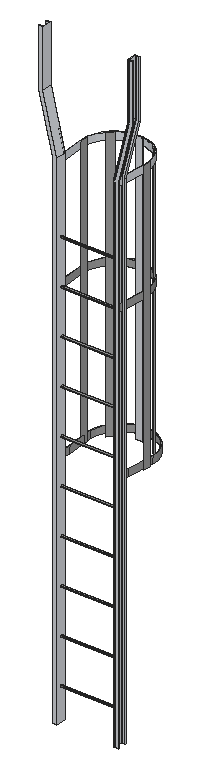
Revit family "Cage_Ladder_Type01", category Generic Models, Revit 2022
Family settings
  Can host rebar = No
  Round Connector Dimension = Use Diameter
  Part Type = Normal
  Work Plane-Based = Yes
  Always vertical = No
  Cut with Voids When Loaded = No
  Maintain Annotation Orientation = No
  Shared = No
  Room Calculation Point = No
Parameters (values of type "Cage_Ladder")
  Top Width [instance] = 3' - 0"
  Vertical Bar Width = 0' - 3"
  Vertical Bar Thickness = 0' - 0 5/16"
  Vertical Bar Center 1 = Bottom Hoop Radius - Hoop Width / 2  # 1' - 5 11/32"
  Vertical Bar Center = Hoop Radius - Hoop Width / 2  # 1' - 1 11/32"
  Side Rail Width = 0' - 3"
  Side Rail Thickness = 0' - 0 3/8"
  Side Rail Material = Steel ASTM A36
  Rung Space [instance] = 1' - 0"
  Rung Radius = 0' - 0 3/8"
  Rung Material = Steel ASTM A36
  Rung Length [instance] = 2' - 0"
  RISER = 1' - 2"
  Number of Rungs [instance] = Height / Rung Space  # 18
  Number of Cages [instance] = (Height + Guardrail Height - Bottom Hoop Height - 2 * Hoop Space) / Hoop Space + 1  # 2
  NO [instance] = 10
  Hoop Width at Rung [instance] = Rung Length + 2 * Hoop Width + Side Rail Thickness  # 2' - 1"
  Hoop Width = 0' - 0 5/16"
  Hoop Thickness = 0' - 3"
  Hoop Space [instance] = 4' - 0"
  Hoop Rung Offset = 1 / 2 * Hoop Width + Side Rail Thickness  # 0' - 0 17/32"
  Hoop Radius = 1' - 1 1/2"
  Hoop Material = Steel ASTM A36
  Height [instance] = 17' - 8"
  H3 [instance] = 2' - 0"
  H2 [instance] = 2' - 0"
  H1 [instance] = 18' - 0"
  Guardrail Height = 3' - 0"
  Distance [instance] = 0' - 7"
  Default Elevation = 0' - 0"
  Center Distance = 1' - 3"
  Bottom Hoop Radius = 1' - 5 1/2"
  Bottom Hoop Height = 7' - 0"
Reference planes (in)
  plane 1 "Center (Front/Back)": y = 0
  plane 2: z = 0
  plane 3 "Center (Left/Right)": x = 0
  plane 4: z = 36
  plane 5: y = 7
  plane 6: z = -12
  plane 7: z = 1.25
  plane 8: x = 16.375
  plane 9: x = 16
  plane 10: x = 12
  plane 11: z = 5.25
  plane 12: y = 8.5
  plane 13: y = 5.5
  plane 14: x = -16.375
  plane 15: x = -12
  plane 16: x = -16
  plane 17 "Bottom": z = -212
  plane 18 "Cage Center": y = 20.5
  plane 19: z = 33
  plane 20: z = -15
  plane 21: x = -13.5
  plane 22: x = 13.5
  plane 23: z = -125
  plane 24: z = -128
  plane 25: z = -77
  plane 26: z = -80
  plane 27: z = -12
  plane 28: z = -216.4
  plane 29: z = -180
  plane 30: z = -166
  plane 31 "Front": y = 5.0315
  plane 32: z = 60
  plane 33: z = 84
  plane 34: x = -18
  plane 35: x = 18
  plane 36: x = -18
  plane 37: x = 18
Forms (in)
  Sweep 1, solid
    path origin (0, 0, 0) x (1, 0, 0) y (0, 1, 0)
      loop
        line (-12.53125, 5.5) -> (-12.53125, 8.5) -> (-13.5, 20.5)
        arc (-13.5, 20.5) -> (0, 34) -> (13.5, 20.5) r 13.5
        line (13.5, 20.5) -> (12.53125, 8.5) -> (12.53125, 5.5)
    profile origin (0, 34, 0) x (0, 1, 0) y (0, 0, 1)
      loop
        line (0.15625, 36) -> (-0.15625, 36) -> (-0.15625, 33) -> (0.15625, 33) -> (0.15625, 36)
  Sweep 2, solid, material "Steel ASTM A36" <- "Hoop Material"
    path origin (0, 20.5, 65.21096) x (0, 0, 1) y (-1, 0, 0)
      loop
        line (-29.21096, -13.34375) -> (-145.21096, -13.34375)
    profile origin (13.34375, 20.5, -22) x (0, -1, 0) y (1, 0, 0)
      loop
        line (-1.5, 0.11277) -> (1.5, 0.11277) -> (1.5, 0.48777) -> (-1.5, 0.48777) -> (-1.5, 0.11277)
  Sweep 3, solid, material "Steel ASTM A36" <- "Hoop Material"
    path origin (0, 20.5, 65.21096) x (0, 0, 1) y (-1, 0, 0)
      loop
        line (-29.21096, 13.34375) -> (-145.21096, 13.34375)
    profile origin (-13.34375, 20.5, -22) x (0, -1, 0) y (1, 0, 0)
      loop
        line (-1.5, 0) -> (1.5, 0) -> (1.5, 0.3125) -> (-1.5, 0.3125) -> (-1.5, 0)
  Sweep 4, solid
    path origin (0, 0, 0) x (0, 1, 0) y (0, 0, 1)
      loop
        line (33.84375, 36) -> (33.84375, -80)
    profile origin (0, 33.84375, -22) x (1, 0, 0) y (0, 1, 0)
      loop
        line (-1.5, 0) -> (-1.5, -0.3125) -> (1.5, -0.3125) -> (1.5, 0) -> (-1.5, 0)
  Sweep 5, solid, material "Steel ASTM A36" <- "Hoop Material"
    path origin (0, 20.5, 0) x (-0.702228, 0.711952, 0) y (0, 0, 1)
      loop
        line (13.34375, 36) -> (13.34375, -80)
    profile origin (-9.37036, 30.00011, -22) x (0.711952, 0.702228, 0) y (-0.702228, 0.711952, 0)
      loop
        line (1.5, 0) -> (-1.5, 0) -> (-1.5, -0.3125) -> (1.5, -0.3125) -> (1.5, 0)
  Sweep 6, solid, material "Steel ASTM A36" <- "Hoop Material"
    path origin (0, 20.5, 0) x (0.702172, 0.712007, 0) y (0, 0, 1)
      loop
        line (13.34375, 36) -> (13.34375, -80)
    profile origin (9.36961, 30.00084, -22) x (0.712007, -0.702172, 0) y (0.702172, 0.712007, 0)
      loop
        line (-1.5, -0.3125) -> (1.5, -0.3125) -> (1.5, 0) -> (-1.5, 0) -> (-1.5, -0.3125)
  Sweep 7, solid
    path origin (0, 5.0315, 0) x (0, 0, -1) y (-1, 0, 0)
      loop
        line (-84, -18) -> (-60, -18) -> (-36, -12) -> (180, -12)
    profile origin (12, 5.0315, -72) x (0, 1, 0) y (-1, 0, 0)
      loop
        line (0.25197, -1.7313) -> (0.25197, -0.50394)
        arc (0.25197, -0.50394) -> (0.32577, -0.32577) -> (0.50394, -0.25197) r 0.25197
        line (0.50394, -0.25197) -> (3.43307, -0.25197)
        arc (3.43307, -0.25197) -> (3.61124, -0.32577) -> (3.68504, -0.50394) r 0.25197
        line (3.68504, -0.50394) -> (3.68504, -1.7313)
        arc (3.68504, -1.7313) -> (3.75884, -1.90947) -> (3.93701, -1.98327) r 0.25197
        line (3.93701, -1.98327) -> (3.93701, 0) -> (0, 0) -> (0, -1.98327)
        arc (0, -1.98327) -> (0.17817, -1.90947) -> (0.25197, -1.7313) r 0.25197
  Sweep 8, solid
    path origin (0, 5.0315, 0) x (0, 0, -1) y (-1, 0, 0)
      loop
        line (-84, 18) -> (-60, 18) -> (-36, 12) -> (180, 12)
    profile origin (-12, 5.0315, -72) x (0, 1, 0) y (-1, 0, 0)
      loop
        arc (0.25197, 1.7313) -> (0.17817, 1.90947) -> (0, 1.98327) r 0.25197
        line (0, 1.98327) -> (0, 0) -> (3.93701, 0) -> (3.93701, 1.98327)
        arc (3.93701, 1.98327) -> (3.75884, 1.90947) -> (3.68504, 1.7313) r 0.25197
        line (3.68504, 1.7313) -> (3.68504, 0.50394)
        arc (3.68504, 0.50394) -> (3.61124, 0.32577) -> (3.43307, 0.25197) r 0.25197
        line (3.43307, 0.25197) -> (0.50394, 0.25197)
        arc (0.50394, 0.25197) -> (0.32577, 0.32577) -> (0.25197, 0.50394) r 0.25197
        line (0.25197, 0.50394) -> (0.25197, 1.7313)
Lines and regions (in)
  reference lines
    curve 1: line (0, 20.5, 0) -> (13.40948, 34.09729, 0)
    curve 2: line (0, 20.5, 0) -> (-13.41063, 34.09632, 0)
  symbolic lines, style "InvisibleLines"
    curve 3: line (-12, 0, 0) -> (12, 0, 0)
  symbolic lines
    curve 4: circle (0, 7, -166) r 0.375 normal (1, 0, 0)
    curve 5: circle (0, 7, 5.25) r 0.375 normal (1, 0, 0)
    curve 6: circle (0, 7, -146.97222) r 0.375 normal (1, 0, 0)
    curve 7: circle (0, 7, -127.94444) r 0.375 normal (1, 0, 0)
    curve 8: circle (0, 7, -108.91667) r 0.375 normal (1, 0, 0)
    curve 9: circle (0, 7, -89.88889) r 0.375 normal (1, 0, 0)
    curve 10: circle (0, 7, -70.86111) r 0.375 normal (1, 0, 0)
    curve 11: circle (0, 7, -51.83333) r 0.375 normal (1, 0, 0)
    curve 12: circle (0, 7, -32.80556) r 0.375 normal (1, 0, 0)
    curve 13: circle (0, 7, -13.77778) r 0.375 normal (1, 0, 0)
Dimensions and locks (in)
  "Side Rail Thickness": plane 9 to plane 8
  locked: level to plane 7 at 1.25
  locked: plane 10 to plane 9 at 4
  locked: plane 7 to plane 11 at 4
  locked: plane 16 to plane 15 at 4
  "Side Rail Thickness": plane 14 to plane 16
  "Hoop Space": plane 6 to plane 4
  "Hoop Radius": plane 21 to plane 3 "Center (Left/Right)"
  "Hoop Radius": plane 3 "Center (Left/Right)" to plane 22
  "Hoop Space": plane 23 to plane 25
  "Hoop Thickness": plane 26 to plane 25
  Sweep 1 sketch curve to Sweep 1 sketch curve = 0' - 0 5/16"
  "Hoop Width": Sweep 1 sketch curve to Sweep 1 sketch curve
  equal spacing: plane 15, plane 3 "Center (Left/Right)", plane 10
  "Rung Length": plane 15 to plane 10
  equal spacing: Sweep 2 sketch curve, plane 18 "Cage Center", Sweep 2 sketch curve
  "Vertical Bar Width": Sweep 2 sketch curve to Sweep 2 sketch curve
  "Side Rail Thickness": Sweep 2 sketch curve to Sweep 2 sketch curve
  equal spacing: Sweep 3 sketch curve, nested 1, Sweep 3 sketch curve
  "Vertical Bar Width": Sweep 3 sketch curve to Sweep 3 sketch curve
  "Vertical Bar Thickness": Sweep 3 sketch curve to Sweep 3 sketch curve
  "Vertical Bar Center": Sweep 4 sketch curve to plane 18 "Cage Center"
  Sweep 4 sketch curve to Sweep 4 sketch curve = 0' - 3"
  "Vertical Bar Width": Sweep 4 sketch curve to Sweep 4 sketch curve
  "Vertical Bar Thickness": Sweep 4 sketch curve to Sweep 4 sketch curve
  "Vertical Bar Center": Sweep 5 sketch curve to curve 2
  equal spacing: Sweep 5 sketch curve, curve 2, Sweep 5 sketch curve
  "Vertical Bar Width": Sweep 5 sketch curve to Sweep 5 sketch curve
  "Vertical Bar Thickness": Sweep 5 sketch curve to Sweep 5 sketch curve
  "Vertical Bar Center": curve 2 to Sweep 6 sketch curve
  equal spacing: Sweep 6 sketch curve, curve 1, Sweep 6 sketch curve
  "Vertical Bar Width": Sweep 6 sketch curve to Sweep 6 sketch curve
  "Vertical Bar Thickness": Sweep 6 sketch curve to Sweep 6 sketch curve
  "Side Rail Width": plane 12 to plane 13
  equal spacing: plane 12, plane 5, plane 13
  "Center Distance": plane 18 "Cage Center" to plane 13
  "Hoop Thickness": plane 19 to plane 4
  "Hoop Thickness": plane 20 to plane 6
  "Hoop Thickness": plane 24 to plane 23
  level to plane 4 = 3' - 0"
  group 2 to group 3 = 0' - 0"
  group 2 to group 3 = 0' - 3 1/2"
  group 3 to group 2 = 5' - 5"
  "Hoop Rung Offset": Sweep 1 sketch curve to plane 15
  "Hoop Rung Offset": plane 10 to Sweep 1 sketch curve
  plane 7 to level = 0' - 1 1/4"
  plane 11 to plane 7 = 0' - 4"
  "Bottom Hoop Height": plane 24 to plane 17 "Bottom"
  "Rung Space": plane 2 to plane 27
  "Height": plane 2 to plane 17 "Bottom"
  "Distance": plane 1 "Center (Front/Back)" to plane 5
  plane 26 to plane 4 = 9' - 8"
  plane 4 to plane 28 = 21' - 0.4"
  plane 4 to plane 29 = 18' - 0"
  "H1": plane 4 to plane 29
  "RISER": plane 30 to plane 29
  equal spacing: group 1, group 5, group 6, group 7, group 8, group 9, group 10, group 11, group 12, group 4  (x3)
  "H2": plane 32 to plane 4
  "H3": plane 33 to plane 32
  "Top Width": plane 36 to plane 37
  equal spacing: plane 36, plane 3 "Center (Left/Right)", plane 37
  "Hoop Radius": radius of Sweep 1 sketch curve
  aligned and locked: level to plane 2
  aligned and locked: Sweep 1 sketch curve to plane 4
  aligned and locked: plane 19 to Sweep 1 sketch curve
  aligned and locked: plane 18 "Cage Center" to Sweep 1 sketch curve  (x3)
  aligned and locked: plane 6 to nested 1
  aligned and locked: plane 13 to nested 1  (x2)
  aligned and locked: nested 1 to plane 13  (x2)
  aligned and locked: plane 26 to Sweep 2 sketch curve
  aligned and locked: plane 4 to Sweep 2 sketch curve
  aligned and locked: plane 4 to Sweep 3 sketch curve
  aligned and locked: Sweep 3 sketch curve to profile plane
  aligned and locked: plane 26 to Sweep 4 sketch curve
  aligned and locked: plane 4 to Sweep 4 sketch curve
  aligned and locked: profile plane to Sweep 4 sketch curve
  aligned and locked: plane 4 to Sweep 5 sketch curve
  aligned and locked: plane 26 to Sweep 5 sketch curve
  aligned and locked: profile plane to Sweep 5 sketch curve
  aligned and locked: plane 26 to Sweep 6 sketch curve
  aligned and locked: plane 4 to Sweep 6 sketch curve
  aligned and locked: profile plane to Sweep 6 sketch curve
  aligned and locked: plane 18 "Cage Center" to curve 1
  aligned and locked: plane 25 to nested 3
  aligned and locked: plane 26 to nested 3
  aligned and locked: plane 15 to curve 3
  aligned and locked: plane 1 "Center (Front/Back)" to curve 3
  aligned and locked: plane 10 to curve 3
  aligned and locked: curve 4 to nested 2
  aligned and locked: plane 30 to nested 2
  aligned and locked: curve 5 to nested 4
  aligned and locked: curve 6 to nested 5
  aligned and locked: curve 7 to nested 6
  aligned and locked: curve 8 to nested 7
  aligned and locked: curve 9 to nested 8
  aligned and locked: curve 10 to nested 9
  aligned and locked: curve 11 to nested 10
  aligned and locked: curve 12 to nested 11
  aligned and locked: curve 13 to nested 12
  aligned and locked: plane 4 to Sweep 7 sketch curve
  aligned and locked: plane 29 to Sweep 7 sketch curve
  aligned and locked: plane 32 to Sweep 7 sketch curve
  aligned and locked: plane 33 to Sweep 7 sketch curve
  aligned and locked: plane 4 to Sweep 8 sketch curve
  aligned and locked: plane 29 to Sweep 8 sketch curve
  aligned and locked: plane 32 to Sweep 8 sketch curve
  aligned and locked: plane 33 to Sweep 8 sketch curve
  aligned and locked: plane 15 to Sweep 8 sketch curve
  aligned and locked: plane 10 to Sweep 7 sketch curve
  aligned and locked: Sweep 8 sketch curve to plane 34
  aligned and locked: plane 35 to Sweep 7 sketch curve
  aligned and locked: plane 34 to plane 36
  aligned and locked: plane 35 to plane 37
Automatic sketch dimensions
  Sweep 2 sketch curve to plane 22 = 0' - 0 5/32"
  Sweep 3 sketch curve to plane 26 = 0' - 0"
  plane 21 to Sweep 3 sketch curve = 0' - 0 5/32"
  curve 2 to plane 3 "Center (Left/Right)" = 0' - 0"
  plane 15 to curve 2 = 0' - 1.41063"
  curve 1 to plane 10 = 0' - 1.40948"
  curve 2 to plane 18 "Cage Center" = 1' - 1.59632"
  curve 1 to plane 18 "Cage Center" = 1' - 1.59729"
  Sweep 8 sketch curve to plane 31 "Front" = 0' - 0"
  Sweep 8 sketch curve to profile plane = 0' - 0"
  plane 31 "Front" to Sweep 8 sketch curve = 0' - 0.25197"
  Sweep 8 sketch curve to Sweep 8 sketch curve = 0' - 0.25197"  (x3)
  Sweep 8 sketch curve to profile plane = 0' - 0.50394"
  Sweep 8 sketch curve to Sweep 8 sketch curve = 0' - 2.92913"
  Sweep 8 sketch curve to Sweep 8 sketch curve = 0' - 1.22736"  (x2)
  Sweep 7 sketch curve to plane 31 "Front" = 0' - 0"
  Sweep 7 sketch curve to profile plane = 0' - 0"
  plane 31 "Front" to Sweep 7 sketch curve = 0' - 0.25197"
  Sweep 7 sketch curve to Sweep 7 sketch curve = 0' - 0.25197"  (x3)
  profile plane to Sweep 7 sketch curve = 0' - 0.50394"
  Sweep 7 sketch curve to Sweep 7 sketch curve = 0' - 2.92913"
  Sweep 7 sketch curve to Sweep 7 sketch curve = 0' - 1.22736"  (x2)
  Sweep 1 sketch curve to plane 21 = 0' - 0"
  Sweep 1 sketch curve to plane 13 = 0' - 0"  (x2)
  Sweep 1 sketch curve to plane 12 = 0' - 0"  (x2)
  profile plane to Sweep 1 sketch curve = 0' - 0 5/32"
  Sweep 2 sketch curve to profile plane = 0' - 0.11277"
  Sweep 4 sketch curve to profile plane = 0' - 1 1/2"
  radius of curve 4 = 0' - 0 3/8"
  radius of curve 5 = 0' - 0 3/8"
  radius of curve 6 = 0' - 0 3/8"
  radius of curve 7 = 0' - 0 3/8"
  radius of curve 8 = 0' - 0 3/8"
  radius of curve 9 = 0' - 0 3/8"
  radius of curve 10 = 0' - 0 3/8"
  radius of curve 11 = 0' - 0 3/8"
  radius of curve 12 = 0' - 0 3/8"
  radius of curve 13 = 0' - 0 3/8"
Nested families (in)
  nested 1: "TAE Hoop" at (0, 20.5, -12), type "TAE Hoop"
    with Hoop Width at Rung 2' - 1"
  nested 2: "Rung" at (0, 7, -166), type "Rung"
    with Rung Length 2' - 0"
  nested 3: "TAE Hoop" at (0, 24, -77), type "TAE Hoop"
    with Hoop Width at Rung 2' - 1"
  nested 4: "Rung" at (0, 7, 5.25), type "Rung"
    with Rung Length 2' - 0"
  nested 5: "Rung" at (0, 7, -146.97222), type "Rung"
    with Rung Length 2' - 0"
  nested 6: "Rung" at (0, 7, -127.94444), type "Rung"
    with Rung Length 2' - 0"
  nested 7: "Rung" at (0, 7, -108.91667), type "Rung"
    with Rung Length 2' - 0"
  nested 8: "Rung" at (0, 7, -89.88889), type "Rung"
    with Rung Length 2' - 0"
  nested 9: "Rung" at (0, 7, -70.86111), type "Rung"
    with Rung Length 2' - 0"
  nested 10: "Rung" at (0, 7, -51.83333), type "Rung"
    with Rung Length 2' - 0"
  nested 11: "Rung" at (0, 7, -32.80556), type "Rung"
    with Rung Length 2' - 0"
  nested 12: "Rung" at (0, 7, -13.77778), type "Rung"
    with Rung Length 2' - 0"
Definition of nested family "TAE Hoop"
  Parameters (values of type "TAE Hoop")
    Hoop Width at Rung = 1' - 9"
    Hoop Side Rail Width = 0' - 3"
    Hoop Radius = 1' - 1 1/2"
    Line Distance = 1' - 3"
    Hoop Width = 0' - 0 5/16"
    Hoop Thickness = 0' - 3"
    Hoop Material = none
    Default Elevation = 0' - 0"
    Assembly Code = ""
  Reference planes (in)
    plane 1 "Center (Front/Back)": y = 0
    plane 2: z = 0
    plane 3 "Center (Left/Right)": x = 0
    plane 4: y = -15
    plane 5: x = 10.5
    plane 6: x = -10.5
    plane 7: y = -12
  Forms (in)
    Sweep 1, solid, material <- "Hoop Material"
      path origin (0, 0.15565, 0) x (1, 0, 0) y (0, 1, 0)
        loop
          line (10.5, -15.15565) -> (10.5, -12.15565) -> (13.5, -0.15565)
          arc (13.5, -0.15565) -> (0, 13.34435) -> (-13.5, -0.15565) r 13.5
          line (-13.5, -0.15565) -> (-10.5, -12.15565) -> (-10.5, -15.15565)
      profile origin (0, 13.5, 0) x (0, -1, 0) y (0, 0, 1)
        loop
          line (-0.15625, 0) -> (-0.15625, -3) -> (0.15625, -3) -> (0.15625, 0) -> (-0.15625, 0)
  Dimensions and locks (in)
    "Line Distance": plane 4 to plane 1 "Center (Front/Back)"
    equal spacing: Sweep 1 sketch curve, profile plane, Sweep 1 sketch curve
    "Hoop Width": Sweep 1 sketch curve to Sweep 1 sketch curve
    "Hoop Thickness": Sweep 1 sketch curve to Sweep 1 sketch curve
    "Hoop Width at Rung": plane 6 to plane 5
    equal spacing: plane 6, plane 3 "Center (Left/Right)", plane 5
    "Hoop Side Rail Width": plane 7 to plane 4
    "Hoop Radius": radius of Sweep 1 sketch curve
    aligned and locked: Sweep 1 sketch curve to profile plane
    aligned and locked: plane 3 "Center (Left/Right)" to Sweep 1 sketch curve
    aligned and locked: plane 1 "Center (Front/Back)" to Sweep 1 sketch curve
    aligned and locked: plane 6 to Sweep 1 sketch curve
    aligned and locked: plane 7 to Sweep 1 sketch curve
    aligned and locked: plane 5 to Sweep 1 sketch curve
  Automatic sketch dimensions
    plane 4 to Sweep 1 sketch curve = 0' - 0"  (x2)
    Sweep 1 sketch curve to plane 7 = 0' - 0"
Definition of nested family "Rung"
  Parameters (values of type "Rung")
    Rung Radius = 0' - 0 3/8"
    Rung Length = 1' - 8"
    Rung Material = none
    Default Elevation = 0' - 0"
    Assembly Code = ""
  Reference planes (in)
    plane 1 "Center (Front/Back)": y = 0
    plane 2: z = 0
    plane 3 "Center (Left/Right)": x = 0
    plane 4: x = 10
    plane 5: x = -10
  Forms (in)
    Extrusion 1, solid, material <- "Rung Material"
      sketch origin (0, 0, 0) x (0, 1, 0) y (0, 0, 1)
        loop
          circle (0, 0) r 0.375
      from -10 to 10
  Dimensions and locks (in)
    equal spacing: plane 5, plane 3 "Center (Left/Right)", plane 4
    "Rung Length": plane 5 to plane 4
    "Rung Radius": radius of Extrusion 1 sketch curve
    aligned and locked: plane 1 "Center (Front/Back)" to Extrusion 1 sketch curve
    aligned and locked: plane 2 to Extrusion 1 sketch curve
    aligned and locked: plane 4 to Extrusion 1
    aligned and locked: Extrusion 1 to plane 5
